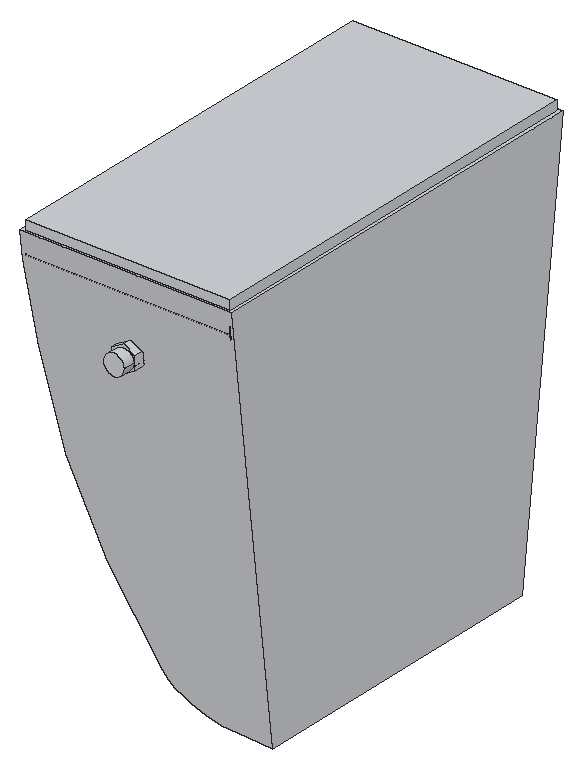
Revit family "0049945_3250lm", category Lighting Fixtures, host Face, Revit 2018
Family settings
  Host = Face
  Round Connector Dimension = Use Diameter
  Part Type = Normal
  OmniClass Number = 23.80.70.00
  OmniClass Title = Lighting
  Cut with Voids When Loaded = No
  Light Source = Yes
  Shared = No
  Room Calculation Point = No
Parameters (values of type "0049945 MURO SURF IP65 1700-3250LM 840 PH E3 GR")
  Weight = "n/a"
  Wattage Comments = ""
  Wattage = 0 W
  WarrantyStartDate [instance] = "n/a"
  WarrantyGuarantorParts = "n/a"
  WarrantyDurationUnit = "n/a"
  WarrantyDurationParts = ""
  WarrantyDescription = "http://www.sylvania-lighting.com"
  built-in parameter 1150110 = 1 (stored number, unit not read)
  Voltage = 0 V
  URL = "0.9"
  TypeName = "Muro Surface IP65 1700-3250lm 840 PH E3 Grey"
  Type Image = <None>
  Type Comments = "n/a"
  built-in parameter 1114217 = 1 (stored number, unit not read)
  Tilt Angle = -90.00°
  built-in parameter 1150109 = 1 (stored number, unit not read)
  built-in parameter 1150134 = 12
  built-in parameter 1150113 = 1 (stored number, unit not read)
  SerialNumber [instance] = "n/a"
  Photometric Web File = "0049945_3250lm.IES"
  Material_3_SYL = none
  PowerFactor = 0.95
  PowerConsumption = "Lighting"
  NominalLength = 155 mm
  NominalHeight = 305 mm
  NominalDepth = 155 mm
  Name = "Muro Surface IP65 1700-3250lm 840 PH E3 Grey"
  ModelReference = Name  # "Muro Surface IP65 1700-3250lm 840 PH E3 Grey"
  ModelNumber = "0049945"
  Model = Name  # "Muro Surface IP65 1700-3250lm 840 PH E3 Grey"
  Material = "Feilo Sylvania"
  ManufacturerName = "108 lm/W"
  Manufacturer = ""
  LuminousEfficacy = ""
  built-in parameter 1150105 = (empty or 0)
  Lumens = 0 lm
  LuminaireType = "0"
  built-in parameter 1150115 = 1 (stored number, unit not read)
  LightOutputRatio = "LED"
  built-in parameter 1150137 = (empty or 0)
  built-in parameter 1150139 = (empty or 0)
  LampsType = Lamp  # "n/a"
  LampNominalLuminous = "4000 K"
  LampMacAdamStep = "80"
  LampColourTemperature = "LED"
  LampColourRenderingIndex = "16500"
  built-in parameter 1150112 = 1 (stored number, unit not read)
  built-in parameter 1150114 = 1 (stored number, unit not read)
  Lamp = "n/a"
  Keynote = "n/a"
  InstallationDate [instance] = "n/a"
  InputVoltage = "0"
  InputNominalFrequency = "4000"
  built-in parameter 1150132 = (empty or 0)
  built-in parameter 1150102 = (empty or 0)
  built-in parameter 1150107 = 4000 (stored number, unit not read)
  built-in parameter 1150138 = (empty or 0)
  IngressProtection = "IfcLightFixtureType"
  ImpactProtectionIndex = "IfcLightFixtureType"
  built-in parameter 1150106 = (empty or 0)
  IfcExportType = "IfcLightFixtureType"
  IfcExportAs = "Class I"
  Emit from Circle Diameter = 609.6 mm
  Emit Shape Visible in Rendering = no
  ElectricShockClassification = "108"
  built-in parameter 1150104 = 11.334 (stored number, unit not read)
  DocumentationLiterature = "http://www.sylvania-lighting.com/product/en-int/products/0049945"
  DimmingControlOptions = "n/a"
  Material_2_SYL = none
  Dimming Lamp Color Temperature Shift = <None>
  Description = "Muro Surface is a wall mounted fixture for exterior lighting applications with 3 hours combined non-maintained emergency unit. Comes with aluminium housing in RAL7016 anthracite grey colour, frosted PC diffuser, IP65, IK10, Class I, 4000K, non-dimmable multipower driver with 5 settings, 1700 / 1900 / 2750 / 3150 / 3250 lm, 16 / 18 / 26 / 29 / 30 W, up to 109 lm/W total system efficacy, switchable built in Mini photocell, CRI80, Asymmetrical beam, 119.000 hrs L70B50 lifespan, 304 x 305 x 155 mm (L x W x D) dimensions, 4.32 kg weight."
  Default Elevation = 1219.2 mm
  CreatedOn = "27/06/2022"
  CreatedBy = "@sylvania-lighting.com"
  Cost = 0
  Color Filter = 16777215
  built-in parameter 1114216 [instance] = (empty or 0)
  ClassificationValue = "EF_70_80"
  ClassificationName = "Uniclass2015"
  Material_1_SYL = none
  BarCode [instance] = "n/a"
  built-in parameter 1114218 = 1 (stored number, unit not read)
  built-in parameter 1150133 = 10 (stored number, unit not read)
  AssetType = "Fixed"
  AssetIdentifier [instance] = "n/a"
  Assembly Code = "D5020200"
  Apparent Load = 30 VA
  Material_4_SYL = none
Reference planes
  plane 1 "Center (Front/Back)": y = 0
  plane 2: z = 0
  plane 3 "Center (Left/Right)": x = 0
  plane 4: x = -78
  plane 5: x = 78
  plane 6: z = -305
  plane 7: y = 150
  plane 8: y = -150
  plane 9: x = -75
  plane 10: x = 75
  plane 11: y = 115
  plane 12: y = -115
  plane 13: z = -65
  plane 14: x = -2
Forms (mm)
  Extrusion 1, solid
    sketch origin (0, 0, 0) x (1, 0, 0) y (0, 0, 1)
      loop
        line (78, -310) -> (78, -6.48) -> (-78, -6.48) -> (-78, -26.48) -> (-72.235, -85.387)
        arc (-72.235, -85.387) -> (-48.397, -189.323) -> (-0.704, -284.698) r 448.659
        arc (-0.704, -284.698) -> (5.844, -292.285) -> (14.114, -297.948) r 38.9
        line (14.114, -297.948) -> (19.517, -300.701)
        arc (19.517, -300.701) -> (35.277, -306.672) -> (51.956, -309.091) r 77.403
        line (51.956, -309.091) -> (78, -310)
    from -152 to 152
  Extrusion 2, solid
    sketch origin (0, 0, 0) x (1, 0, 0) y (0, 1, 0)
      loop
        line (75, 150) -> (-75, 150) -> (-75, -150) -> (75, -150) -> (75, 150)
    from -26.48 to 0
  Extrusion 3, void
    sketch origin (319, 1524, 1219.2) x (0, 1, 0) y (0, 0, 1)
      loop
        line (-1412.802, -1554.876) -> (-1285.02, -1554.876) -> (-1262, -1225.68) -> (-1372, -1225.68) -> (-1412.802, -1554.876)
    from -490.123 to 1
  Extrusion 4, void
    sketch origin (319, -1524, 1219.2) x (0, -1, 0) y (0, 0, -1)
      loop
        line (-1412.802, 1554.876) -> (-1372, 1225.68) -> (-1262, 1225.68) -> (-1285.02, 1554.876) -> (-1412.802, 1554.876)
    from -490.123 to 1
  Extrusion 5, solid
    sketch origin (0, 0, 0) x (1, 0, 0) y (0, 0, 1)
      loop
        circle (-2, -65) r 7.5
    from 0 to 160.393
  Extrusion 6, solid
    sketch origin (0, 0, 0) x (1, 0, 0) y (0, 0, 1)
      loop
        line (-2, -55) -> (-10.66, -60) -> (-10.66, -70) -> (-2, -75) -> (6.66, -70) -> (6.66, -60) -> (-2, -55)
    from 0 to 152
Cuts and joins
  Extrusion 3, Extrusion 4 cuts Extrusion 1
  Extrusion 4 cuts Extrusion 2
Dimensions and locks
  aligned and locked: plane 2 to host face
  aligned and locked: level to host face
Connectors
  electrical at (78, 0, -158.24)
    settings: on cut or joined group of Extrusion 1, Extrusion 3, Extrusion 4, index 1, voltage 0 V, apparent load 0 VA, apparent load phase1 0 VA, apparent load phase2 0 VA, apparent load phase3 0 VA, power factor 1, load classification "Other", number of poles 1, system type 31, power factor state 1, is connector primary yes, connector utility no, sub classification motor no, connector description ""
